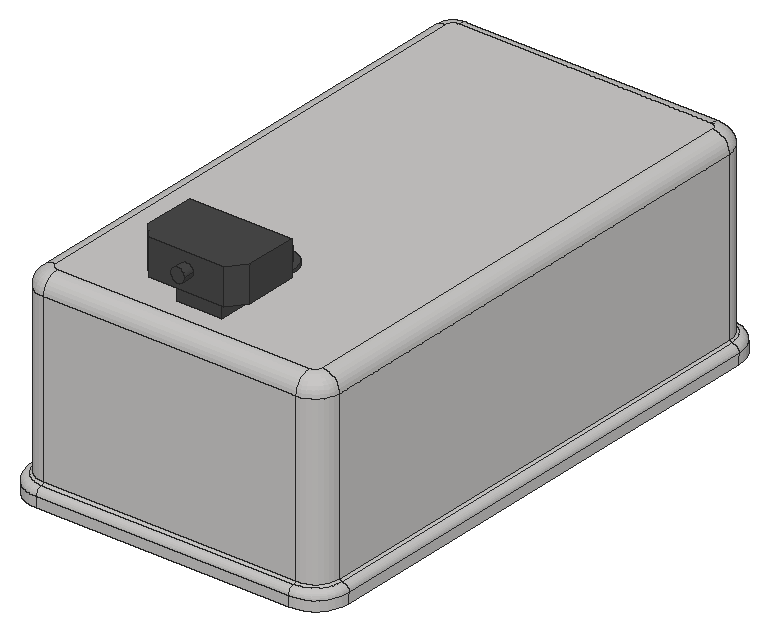
Revit family "Soap_Dispenser-Gamco-Vertical_Tank_Type-G-16AP", category Specialty Equipment, host Face, Revit 2018
Family settings
  Host = Face
  Round Connector Dimension = Use Diameter
  Part Type = Normal
  OmniClass Number = 23.40.20.21.34
  OmniClass Title = Soap Holders, Dispensers
  Cut with Voids When Loaded = No
  Shared = Yes
  Room Calculation Point = No
Parameters (values of type "G-16AP")
  Width = 3"  # constant formula
  Warranty Documentation Link = "http://gamcousa.com/wp-content/uploads/2019/11/TermsConditionsWarranty.pdf"
  URL = "https://gamcousa.com/"
  Type Comments = ""
  Push Button And Spout Material = Plastic-Gamco-Black
  Product Page URL = "https://gamcousa.com/products/product/g-16ap/?"
  Product Documentation Link = "http://gamcousa.com/wp-content/uploads/2019/11/g16ap.pdf"
  Price = "Prices may vary. Please consult Manufacturer Representative for most up-to-date price list."  # constant formula
  Mounting Height = if(ADA, 44", 42")  # 44"
  Model = "G-16AP"
  Material = "Metal-Gamco-Stainless Steel"
  Manufacturer = "GAMCO"  # constant formula
  Length = 4 3/4"  # constant formula
  Installation Type = "Wall Mounted"  # constant formula
  Height = 8 1/4"  # constant formula
  Description = "Surface-Mounted Vertical Tank-Type Soap Dispenser with All-Purpose Valve"
  Default Elevation = 0"
  Creation Date = "08/09/2021"  # constant formula
  Container Material = Metal-Gamco-Stainless Steel
  Capacity = "40-fl oz. (1.2-L) of liquid lotion soap"  # constant formula
  Assembly Code = "C1030200"
  ADA Compliant = if(ADA, 1 > 0, 1 < 0)  # yes
  ADA = yes
Reference planes (in)
  plane 1 "Center (Front/Back)": y = 0
  plane 2: z = 0
  plane 3 "Center (Left/Right)": x = 0
  plane 4: y = -35.75
  plane 5: y = 8.25
  plane 6: x = -2.375
  plane 7: x = 2.375
  plane 8: z = 3
  plane 9: z = 3.875
  plane 10: z = 3.34375
Forms (in)
  Extrusion 1, solid, material "Metal-Gamco-Stainless Steel" <- "Container Material"
    sketch origin (0, 0, 0) x (1, 0, 0) y (0, 1, 0)
      loop
        arc (-1.875, 7.80909) -> (-1.91678, 7.79178) -> (-1.93409, 7.75) r 0.05909
        line (-1.93409, 7.75) -> (-1.93409, 0.5)
        arc (-1.93409, 0.5) -> (-1.91678, 0.45822) -> (-1.875, 0.44091) r 0.05909
        line (-1.875, 0.44091) -> (1.875, 0.44091)
        arc (1.875, 0.44091) -> (1.91678, 0.45822) -> (1.93409, 0.5) r 0.05909
        line (1.93409, 0.5) -> (1.93409, 7.75)
        arc (1.93409, 7.75) -> (1.91678, 7.79178) -> (1.875, 7.80909) r 0.05909
        line (1.875, 7.80909) -> (-1.875, 7.80909)
    from 0 to 3
  Extrusion 2, solid, material "Plastic-Gamco-Black" <- "Push Button And Spout Material"
    sketch origin (0, 0, 0) x (1, 0, 0) y (0, 1, 0)
      loop
        line (-0.7591, 1.46203) -> (-0.7591, 0.68078) -> (-0.56102, 0.44472) -> (0.56102, 0.44472) -> (0.7591, 0.68078) -> (0.7591, 1.46203) -> (-0.7591, 1.46203)
    from 3.34375 to 3.875
  Revolve 3, solid, material "Plastic-Gamco-Black" <- "Push Button And Spout Material"
    sketch origin (0, 1.20512, 0) x (0, -1, 0) y (0, 0, 1)
      loop
        line (-0.87208, 2.99891) -> (-0.55996, 2.99891) -> (-0.55996, 3.04424) -> (-0.65196, 3.04424) -> (-0.65196, 3.20881) -> (-0.70379, 3.20881) -> (-0.70379, 3.04424) -> (-0.87208, 3.04424) -> (-0.87208, 2.99891)
      axis (-0.87208, 3.20881) -> (-0.87208, 2.99891)
    angle from 0 to 360
  Extrusion 4, solid, material "Plastic-Gamco-Black" <- "Push Button And Spout Material"
    sketch origin (-0.56102, 0.44472, -0.09375) x (1, 0, 0) y (0, 0, 1)
      loop
        circle (0.56102, 3.72682) r 0.10157
    from 0 to 0.15733
  Extrusion 5, solid, material "Plastic-Gamco-Black" <- "Push Button And Spout Material"
    sketch origin (0, 0, 0) x (1, 0, 0) y (0, 1, 0)
      loop
        line (-0.3368, 1.26765) -> (-0.3368, 0.68915) -> (0.3368, 0.68915) -> (0.3368, 1.26765) -> (-0.3368, 1.26765)
    from 3 to 3.34375
  Extrusion 6, solid, material "Metal-Gamco-Stainless Steel" <- "Container Material"
    sketch origin (7.5, 0.00827, 0.22973) x (0, 0, 1) y (1, 0, 0)
      loop
        line (1.93706, -8.5) -> (1.93706, -6.5) -> (0.18706, -6.5) -> (0.18706, -8.5) -> (1.93706, -8.5)
    from 7.87412 to 8.3219
  Sweep 7, solid, material "Metal-Gamco-Stainless Steel" <- "Container Material"
    path origin (0, 0, 0) x (1, 0, 0) y (0, 1, 0)
      loop
        arc (-1.875, 8.25) -> (-2.22855, 8.10355) -> (-2.375, 7.75) r 0.5
        line (-2.375, 7.75) -> (-2.375, 0.5)
        arc (-2.375, 0.5) -> (-2.22855, 0.14645) -> (-1.875, 0) r 0.5
        line (-1.875, 0) -> (1.875, 0)
        arc (1.875, 0) -> (2.22855, 0.14645) -> (2.375, 0.5) r 0.5
        line (2.375, 0.5) -> (2.375, 7.75)
        arc (2.375, 7.75) -> (2.22855, 8.10355) -> (1.875, 8.25) r 0.5
        line (1.875, 8.25) -> (-1.875, 8.25)
    profile origin (0, 8.25, 0) x (0, 1, 0) y (0, 0, 1)
      loop
        line (0, 0) -> (0, 0.14647)
        arc (0, 0.14647) -> (-0.03255, 0.22184) -> (-0.10974, 0.24981) r 0.10353
        arc (-0.10974, 0.24981) -> (-0.1323, 0.25822) -> (-0.14181, 0.28024) r 0.03024
        line (-0.14181, 0.28024) -> (-0.14181, 2.75)
        arc (-0.14181, 2.75) -> (-0.21503, 2.92678) -> (-0.39181, 3) r 0.25
        line (-0.39181, 3) -> (-0.4702, 3) -> (-0.4702, 0) -> (0, 0)
Cuts and joins
  joined: Extrusion 1, Sweep 7
Lines and regions (in)
  Masking region 1
    outline origin (7.5, 0, 0.22973) x (0, 0, 1) y (1, 0, 0)
      loop
        line (-0.22973, -5.125) -> (-0.22973, -9.875) -> (-0.069, -9.875)
        arc (-0.069, -9.875) -> (-0.00296, -9.83775) -> (0.02039, -9.76561) r 0.10426
        arc (0.02039, -9.76561) -> (0.02871, -9.7427) -> (0.05109, -9.73304) r 0.03075
        line (0.05109, -9.73304) -> (2.52027, -9.73304)
        arc (2.52027, -9.73304) -> (2.69704, -9.65982) -> (2.77027, -9.48304) r 0.25
        line (2.77027, -9.48304) -> (2.77027, -7.8368) -> (3.11402, -7.8368) -> (3.11402, -8.2591) -> (3.64527, -8.2591) -> (3.64527, -6.7409) -> (3.11402, -6.7409) -> (3.11402, -7.1632) -> (2.77027, -7.1632) -> (2.77027, -5.51696)
        arc (2.77027, -5.51696) -> (2.69704, -5.34018) -> (2.52027, -5.26696) r 0.25
        line (2.52027, -5.26696) -> (0.05109, -5.26696)
        arc (0.05109, -5.26696) -> (0.02871, -5.2573) -> (0.02039, -5.23439) r 0.03075
        arc (0.02039, -5.23439) -> (-0.00296, -5.16225) -> (-0.069, -5.125) r 0.10426
        line (-0.069, -5.125) -> (-0.22973, -5.125)
  symbolic lines, detail levels medium+fine
    curve 1: line (0.7591, 0, 3.34375) -> (-0.7591, 0, 3.34375)
    curve 8: line (0.3368, 0, 3) -> (-0.3368, 0, 3)
    curve 9: line (-1, 0, 2.16679) -> (1, 0, 2.16679)
    curve 10: line (1, 0, 2.16679) -> (1, 0, 0.41679)
    curve 11: line (1, 0, 0.41679) -> (-1, 0, 0.41679)
    curve 12: line (-1, 0, 0.41679) -> (-1, 0, 2.16679)
    curve 13: line (2.26561, 0, 0.25012) -> (-2.26561, 0, 0.25012)
  symbolic lines, detail levels fine
    curve 2: line (-0.22011, 0, 3.20881) -> (0.22011, 0, 3.20881)
    curve 3: line (-0.31211, 0, 3.04424) -> (0.31211, 0, 3.04424)
    curve 4: line (0.31211, 0, 3.04424) -> (0.31211, 0, 3)
    curve 5: line (0.22011, 0, 3.20881) -> (0.22011, 0, 3.04424)
    curve 6: line (-0.22011, 0, 3.20881) -> (-0.22011, 0, 3.04424)
    curve 7: line (-0.31211, 0, 3.04424) -> (-0.31211, 0, 3)
Dimensions and locks (in)
  "Height": plane 1 "Center (Front/Back)" to plane 5
  equal spacing: plane 6, plane 3 "Center (Left/Right)", plane 7
  "Length": plane 6 to plane 7
  "Width": plane 8 to level
  locked: plane 10 to plane 8 at 0.34375
  "Mounting Height": plane 5 to plane 4
  plane 9 to plane 8 = 7/8"
  aligned and locked: plane 2 to host face
  aligned and locked: level to host face
  aligned and locked: plane 3 "Center (Left/Right)" to Extrusion 4 sketch curve
  aligned and locked: plane 9 to Extrusion 2
  aligned and locked: Extrusion 2 to plane 10
  aligned and locked: Extrusion 5 to Extrusion 2
  aligned and locked: Extrusion 5 to plane 8
  aligned and locked: Masking region 1 sketch curve to plane 6
  aligned and locked: Masking region 1 sketch curve to plane 8
  aligned and locked: Masking region 1 sketch curve to Extrusion 2  (x4)
  aligned and locked: Masking region 1 sketch curve to Extrusion 5  (x2)
  aligned and locked: curve 1 to Extrusion 2
  aligned and locked: curve 2 to Revolve 3
  aligned and locked: curve 3 to Revolve 3
  aligned and locked: curve 8 to Extrusion 5
  aligned and locked: curve 9 to Extrusion 6
  aligned and locked: curve 10 to Extrusion 6
  aligned and locked: curve 11 to Extrusion 6
  aligned and locked: curve 12 to Extrusion 6
  aligned and locked: Sweep 7 sketch curve to plane 5
  aligned and locked: plane 6 to Sweep 7 sketch curve
  aligned and locked: Sweep 7 sketch curve to plane 1 "Center (Front/Back)"
  aligned and locked: plane 7 to Sweep 7 sketch curve
Automatic sketch dimensions
  host sketch curve to host sketch curve = 96"  (x2)
  Extrusion 1 sketch curve to Extrusion 1 sketch curve = 0.05909"  (x4)
  Extrusion 2 sketch curve to plane 3 "Center (Left/Right)" = 0.7591"
  Extrusion 2 sketch curve to Extrusion 2 sketch curve = 0.19808"  (x2)
  plane 3 "Center (Left/Right)" to Extrusion 2 sketch curve = 0.56102"
  Extrusion 2 sketch curve to plane 1 "Center (Front/Back)" = 0.44472"
  Extrusion 2 sketch curve to Extrusion 2 sketch curve = 0.23606"  (x2)
  Extrusion 2 sketch curve to Extrusion 2 sketch curve = 25/32"
  Revolve 3 sketch curve to plane 8 = 0.00109"
  Revolve 3 sketch curve to plane 1 "Center (Front/Back)" = 2.07719"
  plane 8 to Revolve 3 sketch curve = 0.04424"  (x2)
  Revolve 3 sketch curve to Revolve 3 sketch curve = 0.16829"
  Revolve 3 sketch curve to Revolve 3 sketch curve = 0.05183"
  Revolve 3 sketch curve to Revolve 3 sketch curve = 0.092"
  Revolve 3 sketch curve to plane 10 = 0.13494"
  Revolve 3 sketch curve to Revolve 3 sketch curve = 0"
  Revolve 3 sketch curve to Revolve 3 sketch curve = 5/8"
  Revolve 3 sketch curve to plane 9 = 0.25109"
  Extrusion 2 to Extrusion 4 sketch curve = 0.24193"
  Extrusion 5 sketch curve to plane 3 "Center (Left/Right)" = 0.3368"
  plane 3 "Center (Left/Right)" to Extrusion 5 sketch curve = 0.3368"
  Extrusion 5 sketch curve to plane 1 "Center (Front/Back)" = 0.68915"
  Extrusion 5 sketch curve to Extrusion 5 sketch curve = 0.5785"
  level to Extrusion 6 sketch curve = 0.41679"
  Extrusion 6 sketch curve to plane 8 = 0.83321"
  Extrusion 6 sketch curve to plane 3 "Center (Left/Right)" = 1"
  plane 3 "Center (Left/Right)" to Extrusion 6 sketch curve = 1"
  plane 6 to Sweep 7 sketch curve = 1/2"  (x2)
  plane 7 to Sweep 7 sketch curve = 1/2"  (x2)
  plane 6 to Extrusion 1 sketch curve = 0.44091"
  plane 7 to Extrusion 1 sketch curve = 1/2"
  Extrusion 1 sketch curve to plane 1 "Center (Front/Back)" = 0.44091"
  Extrusion 1 sketch curve to plane 5 = 1/2"
  Sweep 7 sketch curve to level = 0"
  Sweep 7 sketch curve to profile plane = 0"
  Sweep 7 sketch curve to Sweep 7 sketch curve = 0.10353"
  Sweep 7 sketch curve to Sweep 7 sketch curve = 0.03024"
  Sweep 7 sketch curve to Sweep 7 sketch curve = 1/4"
  Sweep 7 sketch curve to Sweep 7 sketch curve = 0.36667"
  level to Sweep 7 sketch curve = 0.14647"
  Sweep 7 sketch curve to Sweep 7 sketch curve = 2.46976"
  Sweep 7 sketch curve to Sweep 7 sketch curve = 0.07839"
  Sweep 7 sketch curve to Sweep 7 sketch curve = 0.03042"
  Sweep 7 sketch curve to Sweep 7 sketch curve = 0.13376"
  Sweep 7 sketch curve to Sweep 7 sketch curve = 0"
  Masking region 1 sketch curve to level = 0"
  plane 7 to Masking region 1 sketch curve = 0"
  Masking region 1 sketch curve to plane 8 = 0"
  Masking region 1 sketch curve to plane 10 = 0"
  level to Masking region 1 sketch curve = 0.14605"  (x2)
  Masking region 1 sketch curve to Masking region 1 sketch curve = 0.01469"  (x2)
  Masking region 1 sketch curve to Masking region 1 sketch curve = 0.13478"  (x2)
  Masking region 1 sketch curve to plane 8 = 1/4"  (x2)
  plane 6 to Masking region 1 sketch curve = 0.14196"
  plane 6 to Masking region 1 sketch curve = 0.10322"
  Masking region 1 sketch curve to Masking region 1 sketch curve = 0.03075"  (x2)
  plane 7 to Masking region 1 sketch curve = 0.39196"
  plane 7 to Masking region 1 sketch curve = 0.10322"
  curve 3 to plane 3 "Center (Left/Right)" = 0.31211"
  curve 3 to curve 2 = 0.092"
  plane 3 "Center (Left/Right)" to curve 2 = 0.22011"
  curve 5 to curve 4 = 0.092"
  plane 6 to curve 13 = 7/64"
  level to curve 13 = 0.25012"
  curve 1 to curve 3 = 0.44699"
  curve 8 to curve 7 = 0.02469"
  curve 4 to curve 8 = 0.02469"
  curve 3 to curve 1 = 0.44699"
  plane 7 to curve 13 = 7/64"
  radius of Extrusion 4 sketch curve = 13/128"
